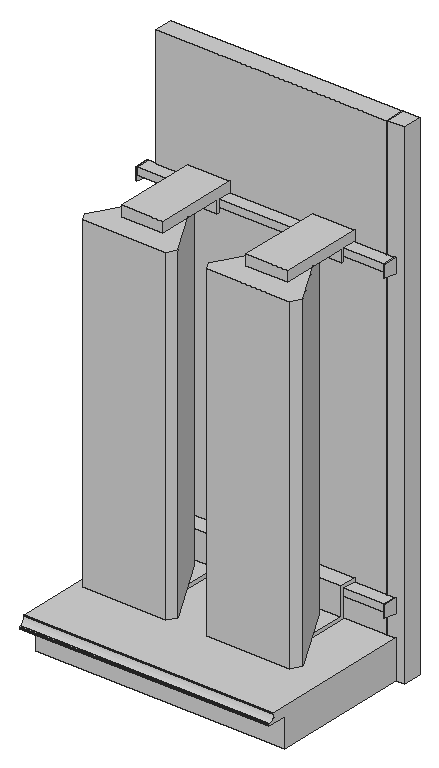
Revit family "RD2", category Specialty Equipment, Revit 2012
Parameters (values of type "Maxi Line Starter (Default)")
  Width = 3' - 0"
  URL = "http://madixinc.com/display/maxiline/core.html"
  Model = "Maxi Line"
  Manufacturer = "© 2012 Madix, Inc. All rights reserved."
  Back [instance] = no
  "Front" Shelf Depth = 1' - 10"
  "Back" Shelf Depth = 1' - 10"
  Upright Height = 6' - 0"
Reference planes (in)
  plane 1 "Center (Front/Back)": y = 0
  plane 2: z = 0
  plane 3 "Center (Left/Right)": x = 0
  plane 4: y = 1.375
  plane 5: y = -1.375
  plane 6: z = 72
  plane 7: z = 0
  plane 8: y = -24.25
  plane 9: x = -18
  plane 10: x = 18
  plane 11: x = -17.875
  plane 12: x = 17.875
  plane 13: y = 24.25
  plane 14: y = 23.375
  plane 15: y = -23.375
  plane 16: z = 6.70818
  plane 17: z = 54.70818
  plane 18: z = 53.70818
  plane 19: z = 9.70818
  plane 20: z = 10.70818
  plane 21: y = -3.375
  plane 22: y = 3.375
  plane 23: x = -9
  plane 24: x = 9
  plane 25: x = -12
  plane 26: x = -6
  plane 27: x = 6
  plane 28: x = 12
Forms (in)
  Extrusion 1, solid, material "Metal - Steel"
    sketch origin (-24, 1.375, 0) x (1, 0, 0) y (0, 0, 1)
      loop
        line (7.2815, 0) -> (42, 0) -> (43.25, 0) -> (43.25, 72) -> (40.75, 72) -> (40.75, 0.03125) -> (40.71924, 0.03125) -> (40.71924, 72) -> (7.2815, 72) -> (7.2815, 0)
    from 0 to 2.75
  Extrusion 2, solid, material "Metal - Steel"
    sketch origin (0, 0, 0) x (0, 1, 0) y (0, 0, 1)
      loop
        line (-1.375, 0) -> (-1.375, 5.5) -> (-23.375, 5.5) -> (-23.50139, 5.5) -> (-23.50139, 5.375) -> (-23.375, 5.375)
        arc (-23.375, 5.375) -> (-23.63696, 4.73714) -> (-24.125, 4.25) r 1.75
        line (-24.125, 4.25) -> (-24.125, 4.375) -> (-24.25, 4.375) -> (-24.25, 4.25) -> (-24.25, 4.125) -> (-21.375, 4.125) -> (-21.375, 0) -> (-1.375, 0)
    from -18 to 18
  Extrusion 3, solid, material "Metal - Steel", visible <- "Back"
    sketch origin (0, 0, 0) x (0, -1, 0) y (0, 0, -1)
      loop
        line (-1.375, 0) -> (-21.375, 0) -> (-21.375, -4.125) -> (-24.25, -4.125) -> (-24.25, -4.25) -> (-24.25, -4.375) -> (-24.125, -4.375) -> (-24.125, -4.25)
        arc (-24.125, -4.25) -> (-23.63696, -4.73714) -> (-23.375, -5.375) r 1.75
        line (-23.375, -5.375) -> (-23.50139, -5.375) -> (-23.50139, -5.5) -> (-23.375, -5.5) -> (-1.375, -5.5) -> (-1.375, 0)
    from -18 to 18
  Extrusion 4, solid, material "Metal - Steel"
    sketch origin (0, 0, 0) x (1, 0, 0) y (0, 0, 1)
      loop
        line (-17.875, 54.70818) -> (-17.875, 53.70818) -> (17.875, 53.70818) -> (17.875, 54.70818) -> (-17.875, 54.70818)
      loop
        line (-17.875, 10.70818) -> (-17.875, 9.70818) -> (17.875, 9.70818) -> (17.875, 10.70818) -> (-17.875, 10.70818)
    from 1.375 to 3.375
  Extrusion 5, solid, material "Metal - Steel", visible <- "Back"
    sketch origin (0, 0, 0) x (1, 0, 0) y (0, 0, -1)
      loop
        line (-17.875, -54.70818) -> (17.875, -54.70818) -> (17.875, -53.70818) -> (-17.875, -53.70818) -> (-17.875, -54.70818)
      loop
        line (-17.875, -10.70818) -> (17.875, -10.70818) -> (17.875, -9.70818) -> (-17.875, -9.70818) -> (-17.875, -10.70818)
    from 1.375 to 3.375
  Extrusion 6, solid, material "Metal - Steel"
    sketch origin (0, 0, 0) x (0, 1, 0) y (0, 0, 1)
      loop
        line (-1.375, 54.70818) -> (-3.375, 54.70818) -> (-3.375, 52.95818) -> (-1.375, 52.60553) -> (-1.375, 54.70818)
      loop
        line (-1.375, 10.70818) -> (-3.375, 10.70818) -> (-3.375, 8.95818) -> (-1.375, 8.60553) -> (-1.375, 10.70818)
    from 17.875 to 18
  Extrusion 7, solid, material "Metal - Steel"
    sketch origin (0, 0, 0) x (0, 1, 0) y (0, 0, -1)
      loop
        line (-1.375, -54.70818) -> (-1.375, -52.60553) -> (-3.375, -52.95818) -> (-3.375, -54.70818) -> (-1.375, -54.70818)
      loop
        line (-1.375, -10.70818) -> (-1.375, -8.60553) -> (-3.375, -8.95818) -> (-3.375, -10.70818) -> (-1.375, -10.70818)
    from 17.875 to 18
  Extrusion 8, solid, material "Metal - Steel"
    sketch origin (0, 0, 0) x (0, 1, 0) y (0, 0, 1)
      loop
        line (-3.375, 54.70818) -> (-1.375, 54.70818) -> (-1.375, 56.20818) -> (-13.375, 56.20818) -> (-13.375, 54.70818) -> (-3.625, 54.70818) -> (-3.625, 52.95818) -> (-3.375, 52.95818) -> (-3.375, 54.70818)
    from -12 to -6
  Extrusion 9, solid, material "Metal - Steel", visible <- "Back"
    sketch origin (-24, 1.375, 77.5) x (1, 0, 0) y (0, 1, 0)
      loop
        line (26.24445, 14.0343) -> (32.25, 3.63237) -> (33.75, 3.63237) -> (39.75555, 14.0343) -> (39.00555, 15.33333) -> (26.99445, 15.33333) -> (26.24445, 14.0343)
    from -70.29182 to -22.79182
  Extrusion 10, solid, material "Metal - Steel", visible <- "Back"
    sketch origin (0, 0, 0) x (0, 1, 0) y (0, 0, 1)
      loop
        line (1.375, 10.70818) -> (3.375, 10.70818) -> (3.375, 6.70818) -> (13.375, 6.70818) -> (13.375, 7.20818) -> (3.875, 7.20818) -> (3.875, 11.20818) -> (1.375, 11.20818) -> (1.375, 10.70818)
    from -12 to -6
  Extrusion 11, solid, material "Metal - Steel", visible <- "Back"
    sketch origin (0, 0, 0) x (0, 1, 0) y (0, 0, -1)
      loop
        line (1.375, -10.70818) -> (1.375, -11.20818) -> (3.875, -11.20818) -> (3.875, -7.20818) -> (13.375, -7.20818) -> (13.375, -6.70818) -> (3.375, -6.70818) -> (3.375, -10.70818) -> (1.375, -10.70818)
    from -12 to -6
  Extrusion 12, solid, material "Metal - Steel"
    sketch origin (0, 0, 0) x (0, -1, 0) y (0, 0, 1)
      loop
        line (1.375, 10.70818) -> (3.375, 10.70818) -> (3.375, 6.70818) -> (13.375, 6.70818) -> (13.375, 7.20818) -> (3.875, 7.20818) -> (3.875, 11.20818) -> (1.375, 11.20818) -> (1.375, 10.70818)
    from -12 to -6
  Extrusion 13, solid, material "Metal - Steel"
    sketch origin (0, 0, 0) x (0, -1, 0) y (0, 0, -1)
      loop
        line (1.375, -10.70818) -> (1.375, -11.20818) -> (3.875, -11.20818) -> (3.875, -7.20818) -> (13.375, -7.20818) -> (13.375, -6.70818) -> (3.375, -6.70818) -> (3.375, -10.70818) -> (1.375, -10.70818)
    from -12 to -6
  Extrusion 14, solid, material "Metal - Steel", visible <- "Back"
    sketch origin (24, 1.375, 77.5) x (-1, 0, 0) y (0, -1, 0)
      loop
        line (26.24445, -14.0343) -> (26.99445, -15.33333) -> (39.00555, -15.33333) -> (39.75555, -14.0343) -> (33.75, -3.63237) -> (32.25, -3.63237) -> (26.24445, -14.0343)
    from -70.29182 to -22.79182
  Extrusion 15, solid, material "Metal - Steel"
    sketch origin (24, -1.375, 77.5) x (-1, 0, 0) y (0, -1, 0)
      loop
        line (26.24445, 14.0343) -> (32.25, 3.63237) -> (33.75, 3.63237) -> (39.75555, 14.0343) -> (39.00555, 15.33333) -> (26.99445, 15.33333) -> (26.24445, 14.0343)
    from -70.29182 to -22.79182
  Extrusion 16, solid, material "Metal - Steel"
    sketch origin (-24, -1.375, 77.5) x (1, 0, 0) y (0, 1, 0)
      loop
        line (26.24445, -14.0343) -> (26.99445, -15.33333) -> (39.00555, -15.33333) -> (39.75555, -14.0343) -> (33.75, -3.63237) -> (32.25, -3.63237) -> (26.24445, -14.0343)
    from -70.29182 to -22.79182
  Extrusion 17, solid, material "Metal - Steel", visible <- "Back"
    sketch origin (0, 0, 0) x (0, -1, 0) y (0, 0, 1)
      loop
        line (-1.375, 54.70818) -> (-3.375, 54.70818) -> (-3.375, 52.95818) -> (-1.375, 52.60553) -> (-1.375, 54.70818)
      loop
        line (-1.375, 10.70818) -> (-3.375, 10.70818) -> (-3.375, 8.95818) -> (-1.375, 8.60553) -> (-1.375, 10.70818)
    from 17.875 to 18
  Extrusion 18, solid, material "Metal - Steel", visible <- "Back"
    sketch origin (0, 0, 0) x (0, -1, 0) y (0, 0, -1)
      loop
        line (-1.375, -54.70818) -> (-1.375, -52.60553) -> (-3.375, -52.95818) -> (-3.375, -54.70818) -> (-1.375, -54.70818)
      loop
        line (-1.375, -10.70818) -> (-1.375, -8.60553) -> (-3.375, -8.95818) -> (-3.375, -10.70818) -> (-1.375, -10.70818)
    from 17.875 to 18
  Extrusion 19, solid, material "Metal - Steel", visible <- "Back"
    sketch origin (0, 0, 0) x (0, -1, 0) y (0, 0, -1)
      loop
        line (-3.375, -54.70818) -> (-3.375, -52.95818) -> (-3.625, -52.95818) -> (-3.625, -54.70818) -> (-13.375, -54.70818) -> (-13.375, -56.20818) -> (-1.375, -56.20818) -> (-1.375, -54.70818) -> (-3.375, -54.70818)
    from -12 to -6
  Extrusion 20, solid, material "Metal - Steel", visible <- "Back"
    sketch origin (0, 0, 0) x (0, -1, 0) y (0, 0, 1)
      loop
        line (-3.375, 54.70818) -> (-1.375, 54.70818) -> (-1.375, 56.20818) -> (-13.375, 56.20818) -> (-13.375, 54.70818) -> (-3.625, 54.70818) -> (-3.625, 52.95818) -> (-3.375, 52.95818) -> (-3.375, 54.70818)
    from -12 to -6
  Extrusion 21, solid, material "Metal - Steel"
    sketch origin (0, 0, 0) x (0, 1, 0) y (0, 0, -1)
      loop
        line (-3.375, -54.70818) -> (-3.375, -52.95818) -> (-3.625, -52.95818) -> (-3.625, -54.70818) -> (-13.375, -54.70818) -> (-13.375, -56.20818) -> (-1.375, -56.20818) -> (-1.375, -54.70818) -> (-3.375, -54.70818)
    from -12 to -6
Lines and regions (in)
  Split face 1
    outline origin (-24, -1.375, 0) x (1, 0, 0) y (0, 0, 1)
      loop
        line (7.2815, 72) -> (7.2815, 0.03125) -> (40.71924, 0.03125) -> (40.71924, 72)
  Split face 2
    outline origin (-24, 1.375, 0) x (1, 0, 0) y (0, 0, 1)
      loop
        line (40.71924, 72) -> (40.71924, 0.03125) -> (7.2815, 0.03125) -> (7.2815, 72)
Dimensions and locks (in)
  "Upright Height": plane 6 to level
  ""Front" Shelf Depth": plane 15 to plane 5
  equal spacing: plane 9, plane 3 "Center (Left/Right)", plane 10
  "Width": plane 9 to plane 10
  locked: plane 9 to plane 11 at 0.125
  locked: plane 12 to plane 10 at 0.125
  ""Back" Shelf Depth": plane 4 to plane 14
  locked: plane 14 to plane 13 at 0.875
  locked: plane 15 to plane 8 at 0.875
  aligned and locked: level to plane 2
  aligned and locked: plane 8 to Extrusion 2
  aligned and locked: Extrusion 2 to plane 5
  aligned and locked: plane 9 to Extrusion 2
  aligned and locked: plane 10 to Extrusion 2
  aligned and locked: Extrusion 3 to Extrusion 2
  aligned and locked: Extrusion 2 to Extrusion 3
  aligned and locked: plane 9 to Extrusion 3
  aligned and locked: Extrusion 3 to plane 13
  aligned and locked: Extrusion 1 to plane 6  (x2)
  aligned and locked: plane 14 to Extrusion 3
  aligned and locked: plane 15 to Extrusion 2
Automatic sketch dimensions
  Extrusion 2 sketch curve to plane 8 = 0' - 0"
  Extrusion 2 sketch curve to plane 15 = 0' - 0"  (x2)
  Extrusion 2 sketch curve to level = 0' - 0"
  Extrusion 2 sketch curve to plane 5 = 0' - 0"
  Extrusion 2 sketch curve to plane 8 = 0' - 0.84305"
  Extrusion 2 sketch curve to Extrusion 2 sketch curve = 0' - 0 1/8"  (x5)
  Extrusion 2 sketch curve to plane 15 = 0' - 0.12639"
  plane 15 to Extrusion 2 sketch curve = 0' - 2"
  Extrusion 2 sketch curve to plane 16 = 0' - 2.58318"
  Extrusion 2 sketch curve to Extrusion 2 sketch curve = 0' - 1"
  Split face 1 sketch curve to Extrusion 1 = 0' - 0"  (x4)
  Extrusion 1 to Split face 1 sketch curve = 0' - 0"
  Extrusion 3 sketch curve to plane 13 = 0' - 0"
  Extrusion 3 sketch curve to plane 14 = 0' - 0"  (x2)
  Extrusion 3 sketch curve to level = 0' - 0"
  Extrusion 3 sketch curve to plane 4 = 0' - 0"
  plane 13 to Extrusion 3 sketch curve = 0' - 0.84305"
  Extrusion 3 sketch curve to plane 13 = 0' - 0 1/8"
  plane 14 to Extrusion 3 sketch curve = 0' - 0.12639"
  Extrusion 3 sketch curve to plane 14 = 0' - 2"
  plane 16 to Extrusion 3 sketch curve = 0' - 2.58318"
  Extrusion 3 sketch curve to Extrusion 3 sketch curve = 0' - 0 1/8"  (x3)
  Extrusion 3 sketch curve to Extrusion 3 sketch curve = 0' - 0"
  Extrusion 3 sketch curve to Extrusion 3 sketch curve = 0' - 1"
  Extrusion 1 to Split face 2 sketch curve = 0' - 0"
  Split face 2 sketch curve to Extrusion 1 = 0' - 0"  (x4)
  Extrusion 4 sketch curve to plane 11 = 0' - 0"  (x2)
  plane 12 to Extrusion 4 sketch curve = 0' - 0"  (x2)
  Extrusion 4 sketch curve to plane 19 = 0' - 0"
  Extrusion 4 sketch curve to plane 20 = 0' - 0"
  Extrusion 4 sketch curve to plane 18 = 0' - 0"
  Extrusion 4 sketch curve to plane 17 = 0' - 0"
  Extrusion 5 sketch curve to plane 11 = 0' - 0"  (x2)
  plane 12 to Extrusion 5 sketch curve = 0' - 0"  (x2)
  Extrusion 5 sketch curve to plane 17 = 0' - 0"
  Extrusion 5 sketch curve to plane 18 = 0' - 0"
  Extrusion 5 sketch curve to plane 20 = 0' - 0"
  Extrusion 5 sketch curve to plane 19 = 0' - 0"
  Extrusion 6 sketch curve to plane 21 = 0' - 0"  (x2)
  Extrusion 6 sketch curve to plane 17 = 0' - 0"
  Extrusion 6 sketch curve to plane 5 = 0' - 0"  (x2)
  Extrusion 6 sketch curve to plane 20 = 0' - 0"
  Extrusion 6 sketch curve to plane 19 = 0' - 0 3/4"
  Extrusion 6 sketch curve to plane 19 = 0' - 1.10265"
  Extrusion 6 sketch curve to plane 18 = 0' - 1.10265"
  Extrusion 6 sketch curve to plane 18 = 0' - 0 3/4"
  Extrusion 7 sketch curve to plane 21 = 0' - 0"  (x2)
  Extrusion 7 sketch curve to plane 17 = 0' - 0"
  Extrusion 7 sketch curve to plane 5 = 0' - 0"  (x2)
  Extrusion 7 sketch curve to plane 20 = 0' - 0"
  Extrusion 7 sketch curve to plane 18 = 0' - 0 3/4"
  Extrusion 7 sketch curve to plane 18 = 0' - 1.10265"
  Extrusion 7 sketch curve to plane 19 = 0' - 0 3/4"
  Extrusion 7 sketch curve to plane 19 = 0' - 1.10265"
  Extrusion 8 sketch curve to plane 17 = 0' - 0"  (x2)
  Extrusion 8 sketch curve to plane 21 = 0' - 0"
  Extrusion 8 sketch curve to plane 5 = 0' - 0"
  Extrusion 8 sketch curve to plane 21 = 0' - 0 1/4"
  plane 17 to Extrusion 8 sketch curve = 0' - 1 1/2"
  Extrusion 8 sketch curve to Extrusion 8 sketch curve = 0' - 9 3/4"
  Extrusion 8 sketch curve to plane 18 = 0' - 0 3/4"
  plane 3 "Center (Left/Right)" to Extrusion 9 sketch curve = 0' - 2.24445"
  Extrusion 9 sketch curve to Extrusion 9 sketch curve = 0' - 0 3/4"  (x2)
  Extrusion 9 sketch curve to plane 24 = 0' - 0 3/4"
  plane 24 to Extrusion 9 sketch curve = 0' - 0 3/4"
  plane 12 to Extrusion 9 sketch curve = 0' - 2.86945"
  Extrusion 9 sketch curve to plane 22 = 0' - 1.63237"
  plane 14 to Extrusion 9 sketch curve = 0' - 7.9657"  (x2)
  Extrusion 9 sketch curve to Extrusion 9 sketch curve = 0' - 1.29904"
  Extrusion 10 sketch curve to plane 4 = 0' - 0"
  Extrusion 10 sketch curve to plane 16 = 0' - 0"
  Extrusion 10 sketch curve to plane 22 = 0' - 0"
  Extrusion 10 sketch curve to plane 20 = 0' - 0"
  Extrusion 10 sketch curve to plane 22 = 0' - 0 1/2"
  Extrusion 10 sketch curve to Extrusion 10 sketch curve = 0' - 9 1/2"
  plane 16 to Extrusion 10 sketch curve = 0' - 0 1/2"
  plane 20 to Extrusion 10 sketch curve = 0' - 0 1/2"
  Extrusion 11 sketch curve to plane 4 = 0' - 0"
  Extrusion 11 sketch curve to plane 16 = 0' - 0"
  Extrusion 11 sketch curve to plane 22 = 0' - 0"
  Extrusion 11 sketch curve to plane 20 = 0' - 0"
  Extrusion 11 sketch curve to plane 22 = 0' - 0 1/2"
  Extrusion 11 sketch curve to Extrusion 11 sketch curve = 0' - 9 1/2"
  Extrusion 11 sketch curve to Extrusion 11 sketch curve = 0' - 0 1/2"
  plane 16 to Extrusion 11 sketch curve = 0' - 0 1/2"
  Extrusion 12 sketch curve to plane 5 = 0' - 0"
  Extrusion 12 sketch curve to plane 16 = 0' - 0"
  Extrusion 12 sketch curve to plane 21 = 0' - 0"
  Extrusion 12 sketch curve to plane 20 = 0' - 0"
  Extrusion 12 sketch curve to plane 21 = 0' - 0 1/2"
  Extrusion 12 sketch curve to Extrusion 12 sketch curve = 0' - 9 1/2"
  plane 16 to Extrusion 12 sketch curve = 0' - 0 1/2"
  plane 20 to Extrusion 12 sketch curve = 0' - 0 1/2"
  Extrusion 13 sketch curve to plane 5 = 0' - 0"
  Extrusion 13 sketch curve to plane 16 = 0' - 0"
  Extrusion 13 sketch curve to plane 21 = 0' - 0"
  Extrusion 13 sketch curve to plane 20 = 0' - 0"
  Extrusion 13 sketch curve to plane 21 = 0' - 0 1/2"
  Extrusion 13 sketch curve to Extrusion 13 sketch curve = 0' - 9 1/2"
  Extrusion 13 sketch curve to Extrusion 13 sketch curve = 0' - 0 1/2"
  plane 16 to Extrusion 13 sketch curve = 0' - 0 1/2"
  Extrusion 14 sketch curve to plane 3 "Center (Left/Right)" = 0' - 2.24445"
  Extrusion 14 sketch curve to Extrusion 14 sketch curve = 0' - 0 3/4"  (x2)
  plane 23 to Extrusion 14 sketch curve = 0' - 0 3/4"
  Extrusion 14 sketch curve to plane 23 = 0' - 0 3/4"
  plane 11 to Extrusion 14 sketch curve = 0' - 2.86945"
  plane 14 to Extrusion 14 sketch curve = 0' - 6.66667"
  Extrusion 14 sketch curve to Extrusion 14 sketch curve = 0' - 1.29904"  (x2)
  Extrusion 14 sketch curve to plane 22 = 0' - 1.63237"
  Extrusion 15 sketch curve to plane 3 "Center (Left/Right)" = 0' - 2.24445"
  Extrusion 15 sketch curve to Extrusion 15 sketch curve = 0' - 0 3/4"  (x2)
  plane 23 to Extrusion 15 sketch curve = 0' - 0 3/4"
  Extrusion 15 sketch curve to plane 23 = 0' - 0 3/4"
  plane 11 to Extrusion 15 sketch curve = 0' - 2.86945"
  Extrusion 15 sketch curve to plane 21 = 0' - 1.63237"
  plane 15 to Extrusion 15 sketch curve = 0' - 7.9657"  (x2)
  Extrusion 15 sketch curve to Extrusion 15 sketch curve = 0' - 1.29904"
  plane 3 "Center (Left/Right)" to Extrusion 16 sketch curve = 0' - 2.24445"
  Extrusion 16 sketch curve to Extrusion 16 sketch curve = 0' - 0 3/4"  (x2)
  Extrusion 16 sketch curve to plane 24 = 0' - 0 3/4"
  plane 24 to Extrusion 16 sketch curve = 0' - 0 3/4"
  plane 12 to Extrusion 16 sketch curve = 0' - 2.86945"
  plane 15 to Extrusion 16 sketch curve = 0' - 6.66667"
  Extrusion 16 sketch curve to Extrusion 16 sketch curve = 0' - 1.29904"  (x2)
  Extrusion 16 sketch curve to plane 21 = 0' - 1.63237"
  Extrusion 17 sketch curve to plane 22 = 0' - 0"  (x2)
  Extrusion 17 sketch curve to plane 17 = 0' - 0"
  Extrusion 17 sketch curve to plane 4 = 0' - 0"  (x2)
  Extrusion 17 sketch curve to plane 20 = 0' - 0"
  Extrusion 17 sketch curve to plane 19 = 0' - 0 3/4"
  Extrusion 17 sketch curve to plane 19 = 0' - 1.10265"
  Extrusion 17 sketch curve to plane 18 = 0' - 1.10265"
  Extrusion 17 sketch curve to plane 18 = 0' - 0 3/4"
  Extrusion 18 sketch curve to plane 22 = 0' - 0"  (x2)
  Extrusion 18 sketch curve to plane 17 = 0' - 0"
  Extrusion 18 sketch curve to plane 4 = 0' - 0"  (x2)
  Extrusion 18 sketch curve to plane 20 = 0' - 0"
  plane 19 to Extrusion 18 sketch curve = 0' - 0 3/4"
  plane 19 to Extrusion 18 sketch curve = 0' - 1.10265"
  plane 18 to Extrusion 18 sketch curve = 0' - 1.10265"
  plane 18 to Extrusion 18 sketch curve = 0' - 0 3/4"
  Extrusion 19 sketch curve to plane 17 = 0' - 0"  (x2)
  Extrusion 19 sketch curve to plane 22 = 0' - 0"
  Extrusion 19 sketch curve to plane 4 = 0' - 0"
  Extrusion 19 sketch curve to plane 22 = 0' - 0 1/4"
  plane 17 to Extrusion 19 sketch curve = 0' - 1 1/2"
  Extrusion 19 sketch curve to Extrusion 19 sketch curve = 0' - 9 3/4"
  Extrusion 19 sketch curve to plane 18 = 0' - 0 3/4"
  Extrusion 20 sketch curve to plane 17 = 0' - 0"  (x2)
  Extrusion 20 sketch curve to plane 22 = 0' - 0"
  Extrusion 20 sketch curve to plane 4 = 0' - 0"
  Extrusion 20 sketch curve to plane 22 = 0' - 0 1/4"
  plane 17 to Extrusion 20 sketch curve = 0' - 1 1/2"
  Extrusion 20 sketch curve to Extrusion 20 sketch curve = 0' - 9 3/4"
  Extrusion 20 sketch curve to plane 18 = 0' - 0 3/4"
  Extrusion 21 sketch curve to plane 17 = 0' - 0"  (x2)
  Extrusion 21 sketch curve to plane 21 = 0' - 0"
  Extrusion 21 sketch curve to plane 5 = 0' - 0"
  Extrusion 21 sketch curve to plane 21 = 0' - 0 1/4"
  plane 17 to Extrusion 21 sketch curve = 0' - 1 1/2"
  Extrusion 21 sketch curve to Extrusion 21 sketch curve = 0' - 9 3/4"
  Extrusion 21 sketch curve to plane 18 = 0' - 0 3/4"
  Extrusion 1 sketch curve to plane 6 = 0' - 0"  (x2)
  plane 10 to Extrusion 1 sketch curve = 0' - 0"
  plane 12 to Extrusion 1 sketch curve = 0' - 1 1/8"
  Extrusion 1 sketch curve to Extrusion 1 sketch curve = 0' - 0.03076"
  plane 11 to Extrusion 1 sketch curve = 0' - 1.1565"
  Extrusion 1 sketch curve to plane 10 = 0' - 1 1/4"
  level to Extrusion 1 sketch curve = 0' - 0 1/32"
  Extrusion 1 sketch curve to level = 0' - 0"
